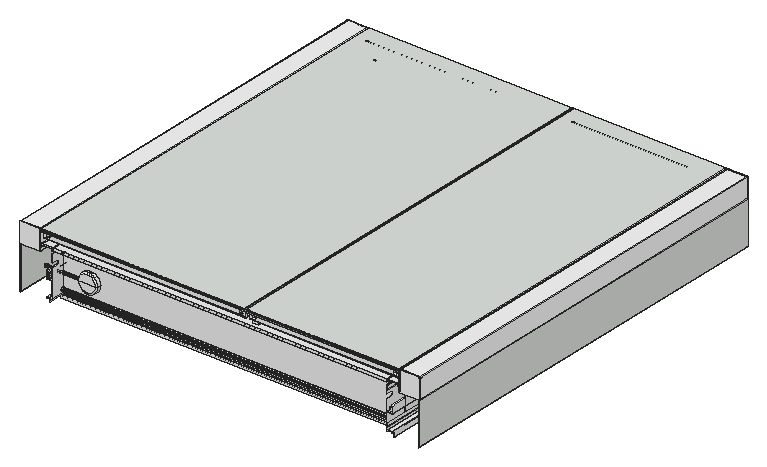
Revit family "Furniture-Lighted_Mirror_Cabinet-KOHLER-Verdera-K-26378T_1", category Lighting Fixtures, host Face, Revit 2021 (continued)
Definition of nested family "K-26378T"
  Lines and regions (in)
    Masking region 2
      outline origin (1.9685, 0, 0) x (0, 1, 0) y (0, 0, 1)
        loop
          arc (-15.71654, 4.92126) -> (-15.73881, 4.91203) -> (-15.74803, 4.88976) r 0.0315
          line (-15.74803, 4.88976) -> (-15.74803, 0.11811) -> (-15.70866, 0.07874) -> (-15.51181, 0.07874) -> (-15.51181, 0) -> (15.51181, 0) -> (15.51181, 0.07874) -> (15.70866, 0.07874) -> (15.74803, 0.11811) -> (15.74803, 0.23633)
          arc (15.74803, 0.23633) -> (15.78999, 0.2559) -> (15.80709, 0.29893) r 0.06271
          line (15.80709, 0.29893) -> (15.80709, 3.64065)
          arc (15.80709, 3.64065) -> (15.78985, 3.68279) -> (15.74803, 3.70078) r 0.06013
          line (15.74803, 3.70078) -> (15.74803, 4.88976)
    Masking region 3
      outline origin (0, 0, 0) x (1, 0, 0) y (0, 0, 1)
        loop
          line (17.28346, 0.07874) -> (17.32283, 0.11811) -> (17.32283, 3.30709) -> (17.28346, 3.34646)
          arc (17.28346, 3.34646) -> (17.31132, 3.35812) -> (17.32283, 3.38604) r 0.03958
          line (17.32283, 3.38604) -> (17.32283, 4.88161)
          arc (17.32283, 4.88161) -> (17.31122, 4.90965) -> (17.28318, 4.92126) r 0.03965
          line (17.28318, 4.92126) -> (15.78735, 4.92126)
          arc (15.78735, 4.92126) -> (15.75955, 4.90974) -> (15.74803, 4.88194) r 0.03932
          line (15.74803, 4.88194) -> (15.74803, 3.91732)
          arc (15.74803, 3.91732) -> (15.74227, 3.93124) -> (15.72835, 3.93701) r 0.01969
          line (15.72835, 3.93701) -> (14.62921, 3.93701) -> (14.60663, 3.95959) -> (14.65094, 3.95959) -> (14.65094, 4.03116) -> (14.69973, 4.05801) -> (15.4759, 4.05801) -> (15.4759, 4.14173) -> (15.66929, 4.14173) -> (15.66929, 4.7729) -> (4.05512, 4.7729) -> (4.05512, 4.14173) -> (4.15945, 4.14173) -> (4.15945, 4.10452)
          arc (4.15945, 4.10452) -> (4.16388, 4.03819) -> (4.17709, 3.97304) r 0.4988
          arc (4.17709, 3.97304) -> (4.18534, 3.96015) -> (4.19945, 3.95423) r 0.0257
          arc (4.19945, 3.95423) -> (4.21623, 3.94799) -> (4.23378, 3.94439) r 0.11637
          line (4.23378, 3.94439) -> (4.65705, 3.94439)
          arc (4.65705, 3.94439) -> (4.67182, 3.94936) -> (4.68058, 3.96225) r 0.02442
          arc (4.68058, 3.96225) -> (4.69424, 4.02822) -> (4.69882, 4.09543) r 0.49526
          line (4.69882, 4.09543) -> (4.69882, 4.14173) -> (13.88583, 4.14173) -> (13.88583, 4.0777) -> (13.7848, 4.0777) -> (13.7848, 3.95959) -> (14.05277, 3.95959) -> (14.03171, 3.93701) -> (-10.09318, 3.93701) -> (-10.11576, 3.95959) -> (-9.8478, 3.95959) -> (-9.8478, 4.0777) -> (-9.94882, 4.0777) -> (-9.94882, 4.17323) -> (3.8189, 4.17323) -> (3.8189, 4.79528) -> (3.85827, 4.83465) -> (3.85827, 4.88976) -> (3.82677, 4.92126) -> (-11.74016, 4.92126) -> (-11.77165, 4.88976) -> (-11.77165, 4.83465) -> (-11.74016, 4.80315) -> (-11.70815, 4.80315)
          arc (-11.70815, 4.80315) -> (-11.72514, 4.79689) -> (-11.73228, 4.78025) r 0.02293
          line (-11.73228, 4.78025) -> (-11.73228, 4.17323) -> (-11.53889, 4.17323) -> (-11.53889, 4.05801) -> (-10.76272, 4.05801) -> (-10.71394, 4.03116) -> (-10.71394, 3.95959) -> (-10.66962, 3.95959) -> (-10.6922, 3.93701) -> (-11.79134, 3.93701)
          arc (-11.79134, 3.93701) -> (-11.80526, 3.93124) -> (-11.81102, 3.91732) r 0.01969
          line (-11.81102, 3.91732) -> (-11.81102, 4.88194)
          arc (-11.81102, 4.88194) -> (-11.82254, 4.90974) -> (-11.85034, 4.92126) r 0.03932
          line (-11.85034, 4.92126) -> (-13.34617, 4.92126)
          arc (-13.34617, 4.92126) -> (-13.37421, 4.90965) -> (-13.38583, 4.88161) r 0.03965
          line (-13.38583, 4.88161) -> (-13.38583, 3.38604)
          arc (-13.38583, 3.38604) -> (-13.37431, 3.35812) -> (-13.34646, 3.34646) r 0.03958
          line (-13.34646, 3.34646) -> (-13.38583, 3.30709) -> (-13.38583, 0.11811) -> (-13.34646, 0.07874) -> (-13.30709, 0.07874) -> (-13.26772, 0.11811) -> (-13.26772, 3.30709) -> (-13.30709, 3.34646) -> (-12.90945, 3.34646) -> (-12.90945, 3.31347)
          arc (-12.90945, 3.31347) -> (-12.88927, 3.22449) -> (-12.80892, 3.26772) r 0.05731
          line (-12.80892, 3.26772) -> (-12.75591, 3.26772) -> (-12.75591, 3.23149)
          arc (-12.75591, 3.23149) -> (-12.74922, 3.21535) -> (-12.73308, 3.20866) r 0.02283
          line (-12.73308, 3.20866) -> (-12.46479, 3.20866)
          arc (-12.46479, 3.20866) -> (-12.44793, 3.21564) -> (-12.44094, 3.2325) r 0.02384
          line (-12.44094, 3.2325) -> (-12.44094, 3.26772) -> (-12.38775, 3.26772)
          arc (-12.38775, 3.26772) -> (-12.33034, 3.22082) -> (-12.27294, 3.26772) r 0.05858
          line (-12.27294, 3.26772) -> (-11.61417, 3.26772) -> (-11.61417, 2.04822) -> (-12.10759, 2.04822) -> (-12.10759, 1.92973) -> (-11.6144, 1.92973) -> (-11.64938, 1.91488) -> (-12.10759, 1.91488) -> (-12.10759, 1.79887) -> (-11.61417, 1.79887) -> (-11.61417, 0.23622) -> (-11.29921, 0.23622) -> (-11.29921, 0.03135)
          arc (-11.29921, 0.03135) -> (-11.26772, -0.00015) -> (-11.23622, 0.03135) r 0.0315
          line (-11.23622, 0.03135) -> (-11.23622, 0.23626) -> (15.17323, 0.23626) -> (15.17323, 0.03135)
          arc (15.17323, 0.03135) -> (15.20472, -0.00015) -> (15.23622, 0.03135) r 0.0315
          line (15.23622, 0.03135) -> (15.23622, 0.23622) -> (15.55118, 0.23622) -> (15.55118, 3.26772) -> (16.20995, 3.26772)
          arc (16.20995, 3.26772) -> (16.26735, 3.22082) -> (16.32475, 3.26772) r 0.05858
          line (16.32475, 3.26772) -> (16.37795, 3.26772) -> (16.37795, 3.2325)
          arc (16.37795, 3.2325) -> (16.38494, 3.21564) -> (16.40179, 3.20866) r 0.02384
          line (16.40179, 3.20866) -> (16.67009, 3.20866)
          arc (16.67009, 3.20866) -> (16.68623, 3.21535) -> (16.69291, 3.23149) r 0.02283
          line (16.69291, 3.23149) -> (16.69291, 3.26772) -> (16.74593, 3.26772)
          arc (16.74593, 3.26772) -> (16.82628, 3.22449) -> (16.84646, 3.31347) r 0.05731
          line (16.84646, 3.31347) -> (16.84646, 3.34646) -> (17.24409, 3.34646) -> (17.20472, 3.30709) -> (17.20472, 0.11811) -> (17.24409, 0.07874) -> (17.28346, 0.07874)
        loop
          line (15.67717, 4.92126) -> (4.04724, 4.92126) -> (4.01575, 4.88976) -> (4.01575, 4.83465) -> (4.04724, 4.80315) -> (15.67717, 4.80315) -> (15.70866, 4.83465) -> (15.70866, 4.88976) -> (15.67717, 4.92126)
        loop
          arc (15.74803, 3.75984) -> (15.74227, 3.74592) -> (15.72835, 3.74016) r 0.01969
          line (15.72835, 3.74016) -> (15.61007, 3.74016) -> (15.61007, 3.80315) -> (15.66535, 3.80315)
          arc (15.66535, 3.80315) -> (15.67927, 3.80892) -> (15.68504, 3.82283) r 0.01969
          line (15.68504, 3.82283) -> (15.68504, 3.85433)
          arc (15.68504, 3.85433) -> (15.67927, 3.86825) -> (15.66535, 3.87402) r 0.01969
          line (15.66535, 3.87402) -> (14.84735, 3.87402)
          arc (14.84735, 3.87402) -> (14.8328, 3.86799) -> (14.82677, 3.85344) r 0.02058
          line (14.82677, 3.85344) -> (14.82677, 3.70079) -> (15.55118, 3.70079) -> (15.55118, 3.34646) -> (15.7874, 3.34646)
          arc (15.7874, 3.34646) -> (15.75956, 3.35799) -> (15.74803, 3.38583) r 0.03937
          line (15.74803, 3.38583) -> (15.74803, 3.75984)
        loop
          line (-11.81102, 3.75984) -> (-11.81102, 3.38583)
          arc (-11.81102, 3.38583) -> (-11.82255, 3.35799) -> (-11.85039, 3.34646) r 0.03937
          line (-11.85039, 3.34646) -> (-11.61417, 3.34646) -> (-11.61417, 3.70079) -> (-10.88976, 3.70079) -> (-10.88976, 3.85344)
          arc (-10.88976, 3.85344) -> (-10.89579, 3.86799) -> (-10.91034, 3.87402) r 0.02058
          line (-10.91034, 3.87402) -> (-11.72835, 3.87402)
          arc (-11.72835, 3.87402) -> (-11.74227, 3.86825) -> (-11.74803, 3.85433) r 0.01969
          line (-11.74803, 3.85433) -> (-11.74803, 3.82283)
          arc (-11.74803, 3.82283) -> (-11.74227, 3.80892) -> (-11.72835, 3.80315) r 0.01969
          line (-11.72835, 3.80315) -> (-11.67306, 3.80315) -> (-11.67306, 3.74016) -> (-11.79134, 3.74016)
          arc (-11.79134, 3.74016) -> (-11.80526, 3.74592) -> (-11.81102, 3.75984) r 0.01969
    symbolic lines, detail levels medium+fine
      curve 1: line (1.9685, -15.51181, 0.07874) -> (1.9685, 15.51181, 0.07874)
      curve 2: line (1.9685, 15.74803, 0.23633) -> (1.9685, 15.74803, 3.70078)
      curve 3: line (1.9685, 15.68898, 4.92126) -> (1.9685, 15.68898, 3.34646)
      curve 4: line (1.9685, 15.74803, 3.34646) -> (1.9685, -15.74803, 3.34646)
      curve 5: line (1.9685, 15.70866, 3.30709) -> (1.9685, -15.70866, 3.30709)
      curve 6: line (1.9685, 15.70866, 0.11811) -> (1.9685, 15.70866, 3.30709)
      curve 7: line (1.9685, 15.70866, 0.11811) -> (1.9685, -15.70866, 0.11811)
      curve 8: line (1.9685, -15.70866, 3.30709) -> (1.9685, -15.70866, 0.11811)
      curve 9: line (1.9685, -15.68898, 4.92126) -> (1.9685, -15.68898, 3.34646)
      curve 10: line (1.9685, -15.72047, 3.35236) -> (1.9685, -15.68898, 3.35236)
      curve 11: line (1.9685, -15.72835, 3.32677) -> (1.9685, -15.70866, 3.30709)
      curve 12: arc (3.81539, 0, 4.21849) -> (3.75474, 0, 4.48662) -> (3.81467, 0, 4.7549) r 0.62663
      curve 13: arc (3.81539, 0, 4.21849) -> (3.81431, 0, 4.1887) -> (3.78928, 0, 4.17249) r 0.03229
      curve 14: arc (3.81467, 0, 4.7549) -> (3.81367, 0, 4.78586) -> (3.78796, 0, 4.80315) r 0.03399
      curve 15: line (-11.77165, 0, 4.88976) -> (3.85827, 0, 4.88976)
      curve 16: line (-11.77165, 0, 4.83465) -> (3.85827, 0, 4.83465)
      curve 17: line (4.01575, 0, 4.88976) -> (15.70866, 0, 4.88976)
      curve 18: line (4.01575, 0, 4.83465) -> (15.70866, 0, 4.83465)
      curve 19: line (4.04724, 15.71654, 2.25239) -> (15.67717, 15.71654, 2.25239)
      curve 20: line (15.67717, 15.71654, 2.25239) -> (15.67717, -15.71654, 2.25239)
      curve 21: line (15.67717, 15.71654, 2.25239) -> (15.70866, 15.74803, 2.25239)
      curve 22: line (15.70866, -15.74803, 2.25239) -> (15.70866, 15.74803, 2.25239)
      curve 23: line (17.32283, 15.68898, 2.25239) -> (15.74803, 15.68898, 2.25239)
      curve 24: line (4.01575, 15.74803, 2.25239) -> (4.01575, -15.74803, 2.25239)
      curve 25: line (4.01575, 15.74803, 2.25239) -> (4.04724, 15.71654, 2.25239)
      curve 26: line (3.82677, 15.71654, 2.25239) -> (3.85827, 15.74803, 2.25239)
      curve 27: line (3.82677, 15.71654, 2.25239) -> (3.82677, -15.71654, 2.25239)
      curve 28: line (3.85827, -15.74803, 2.25239) -> (3.85827, 15.74803, 2.25239)
      curve 29: line (-11.74016, 15.71654, 2.25239) -> (3.82677, 15.71654, 2.25239)
      curve 30: line (4.04724, -15.71654, 2.25239) -> (4.04724, 15.71654, 2.25239)
      curve 31: line (15.55301, 15.74803, 2.25239) -> (-11.61417, 15.74803, 2.25239)
      curve 32: line (3.85827, 14.76378, 2.25239) -> (4.01575, 14.76378, 2.25239)
      curve 33: line (4.01575, 14.48876, 2.25239) -> (3.85827, 14.48876, 2.25239)
      curve 34: line (3.85827, -14.76378, 2.25239) -> (4.01575, -14.76378, 2.25239)
      curve 35: line (3.85827, -14.48876, 2.25239) -> (4.01575, -14.48876, 2.25239)
      curve 36: line (3.82677, -15.71654, 2.25239) -> (-11.74016, -15.71654, 2.25239)
      curve 37: line (3.85827, -15.74803, 2.25239) -> (3.82677, -15.71654, 2.25239)
      curve 38: line (-11.77165, -15.74803, 2.25239) -> (-11.74016, -15.71654, 2.25239)
      curve 39: line (-11.74016, -15.71654, 2.25239) -> (-11.74016, 15.71654, 2.25239)
      curve 40: line (-11.77165, 15.74803, 2.25239) -> (-11.77165, -15.74803, 2.25239)
      curve 41: line (-13.38583, -15.68898, 2.25239) -> (-11.81728, -15.68898, 2.25239)
      curve 42: line (-13.37991, -15.71982, 2.25239) -> (-13.37991, -15.68898, 2.25239)
      curve 43: line (-11.81728, -15.72549, 2.25239) -> (-11.81693, 15.68898, 2.25239)
      curve 44: line (-11.81693, 15.68898, 2.25239) -> (-13.38583, 15.68898, 2.25239)
      curve 45: line (-11.77165, 15.74803, 2.25239) -> (-11.74016, 15.71654, 2.25239)
      curve 46: line (-11.83661, -15.71982, 2.25239) -> (-11.83661, -15.68898, 2.25239)
      curve 47: line (15.67717, -15.71654, 2.25239) -> (4.04724, -15.71654, 2.25239)
      curve 48: line (4.01575, -15.74803, 2.25239) -> (4.04724, -15.71654, 2.25239)
      curve 49: line (15.74803, -15.68898, 2.25239) -> (17.32283, -15.68898, 2.25239)
      curve 50: line (15.70866, -15.74803, 2.25239) -> (15.67717, -15.71654, 2.25239)
      curve 51: line (15.75394, -15.72047, 2.25239) -> (15.75394, -15.68898, 2.25239)
      curve 52: line (15.74803, -15.68898, 2.25239) -> (15.74803, 15.74803, 2.25239)
      curve 53: line (-13.34646, 0, 3.34646) -> (-13.30709, 0, 3.34646)
      curve 54: line (-13.34646, 0, 0.07874) -> (-13.34646, 0, 3.34646)
      curve 55: line (-13.30709, 0, 0.07874) -> (-13.30709, 0, 3.34646)
      curve 56: arc (-13.33363, 0, 3.35236) -> (-13.36635, 0, 3.36592) -> (-13.37991, 0, 3.39865) r 0.04628
      curve 57: line (-13.33363, 0, 3.35236) -> (-11.86311, 0, 3.35237)
      curve 58: line (-13.37992, 0, 4.86975) -> (-13.37991, 0, 3.39865)
      curve 59: arc (-13.37992, 0, 4.86975) -> (-13.36661, 0, 4.90188) -> (-13.33448, 0, 4.9152) r 0.04544
      curve 60: line (-11.86441, 0, 4.91536) -> (-13.33448, 0, 4.9152)
      curve 61: arc (-11.86441, 0, 4.91536) -> (-11.83084, 0, 4.90146) -> (-11.81693, 0, 4.86788) r 0.04748
      curve 62: line (-11.81692, 0, 3.39857) -> (-11.81693, 0, 4.86788)
      curve 63: arc (-11.81692, 0, 3.39857) -> (-11.83045, 0, 3.3659) -> (-11.86311, 0, 3.35237) r 0.04619
      curve 64: line (-11.73228, 0, 4.67323) -> (2.30315, 0, 4.67323)
      curve 65: line (-12.80892, 0, 3.26772) -> (-12.90945, 0, 3.26772)
      curve 66: line (-12.90945, 0, 3.31347) -> (-12.90945, 0, 3.26772)
      curve 67: line (-12.38775, 0, 3.26772) -> (-12.27294, 0, 3.26772)
      curve 68: line (-12.44094, 0, 3.26772) -> (-12.75591, 0, 3.26772)
      curve 69: line (-12.83465, 0, 3.26772) -> (-12.83465, 0, 3.34646)
      curve 70: line (-12.90945, 0, 3.34646) -> (-11.85039, 0, 3.34646)
      curve 71: line (-12.83465, 0, 3.27559) -> (-12.89764, 0, 3.27559)
      curve 72: arc (-12.89764, 0, 3.27559) -> (-12.90611, 0, 3.27917) -> (-12.90945, 0, 3.28775) r 0.01182
      curve 73: arc (-11.18178, 0, 4.43071) -> (-11.33844, 0, 4.58737) -> (-11.4951, 0, 4.43071) r 0.15666
      curve 74: arc (-11.4951, 0, 4.43071) -> (-11.33844, 0, 4.27405) -> (-11.18178, 0, 4.43071) r 0.15666
      curve 75: arc (-11.41515, 0, 4.43071) -> (-11.33844, 0, 4.50742) -> (-11.26174, 0, 4.43071) r 0.07671
      curve 76: arc (-11.26174, 0, 4.43071) -> (-11.33844, 0, 4.35401) -> (-11.41515, 0, 4.43071) r 0.07671
      curve 77: line (-10.71394, 0, 4.0777) -> (-9.94829, 0, 4.0777)
      curve 78: line (-9.94882, 0, 4.14061) -> (-11.53889, 0, 4.14049)
      curve 79: line (-10.71394, 0, 4.03116) -> (-10.71394, 0, 4.0777)
      curve 80: line (-10.76272, 0, 4.05801) -> (-10.71394, 0, 4.05801)
      curve 81: line (-10.11576, 0, 3.95959) -> (-10.66962, 0, 3.95959)
      curve 82: line (-10.6922, 0, 3.93701) -> (-10.09318, 0, 3.93701)
      curve 83: line (-10.88976, 0, 3.70079) -> (14.82677, 0, 3.70079)
      curve 84: line (-11.61417, 0, 3.26772) -> (-11.61417, 0, 3.34646)
      curve 85: line (-10.82677, 0, 3.70079) -> (-10.82677, 0, 3.91705)
      curve 86: arc (-10.82677, 0, 3.91705) -> (-10.83262, 0, 3.93116) -> (-10.84673, 0, 3.93701) r 0.01996
      curve 87: line (-10.82677, 0, 3.74016) -> (14.76378, 0, 3.74016)
      curve 88: line (-11.23622, 0, 0.23626) -> (-11.29921, 0, 0.23622)
      curve 89: line (-11.61417, 0, 0.29724) -> (15.55118, 0, 0.29724)
      curve 90: line (-11.73228, 0, 4.2212) -> (2.30315, 0, 4.2212)
      curve 91: line (2.30315, 0, 4.19361) -> (2.30315, 0, 4.77165)
      curve 92: line (2.30906, 0, 4.70399) -> (3.76747, 0, 4.70399)
      curve 93: arc (1.84577, 0, 4.42917) -> (2.00244, 0, 4.58584) -> (2.1591, 0, 4.42917) r 0.15666
      curve 94: arc (2.07914, 0, 4.42917) -> (2.00244, 0, 4.50588) -> (1.92573, 0, 4.42917) r 0.07671
      curve 95: arc (1.92573, 0, 4.42917) -> (2.00244, 0, 4.35247) -> (2.07914, 0, 4.42917) r 0.07671
      curve 96: arc (2.1591, 0, 4.42917) -> (2.00244, 0, 4.27251) -> (1.84577, 0, 4.42917) r 0.15666
      curve 97: arc (3.34232, 0, 4.42917) -> (3.41903, 0, 4.50588) -> (3.49573, 0, 4.42917) r 0.07671
      curve 98: arc (3.49573, 0, 4.42917) -> (3.41903, 0, 4.35247) -> (3.34232, 0, 4.42917) r 0.07671
      curve 99: arc (3.76747, 0, 4.70399) -> (3.78893, 0, 4.71064) -> (3.80286, 0, 4.72827) r 0.03792
      curve 100: arc (3.4635, 0, 4.46778) -> (3.36099, 0, 4.42881) -> (3.4635, 0, 4.38984) r 0.05866
      curve 101: arc (3.48495, 0, 4.46839) -> (3.47436, 0, 4.46309) -> (3.4635, 0, 4.46778) r 0.01401
      curve 102: arc (3.4635, 0, 4.38984) -> (3.47418, 0, 4.39462) -> (3.48483, 0, 4.38976) r 0.01422
      curve 103: line (-10.88976, 0, 3.74016) -> (-10.82677, 0, 3.74016)
      curve 104: line (-10.82677, 0, 3.77953) -> (-10.88976, 0, 3.77953)
      curve 105: circle (-11.16194, 0, 1.96924) r 0.0893 normal (0, -1, 0)
      curve 106: arc (-11.11257, 0, 2.00823) -> (-11.2195, 0, 1.97042) -> (-11.1152, 0, 1.92585) r 0.06087
      curve 107: arc (-11.11257, 0, 2.00823) -> (-11.09696, 0, 2.00276) -> (-11.08438, 0, 2.0135) r 0.01659
      curve 108: arc (-11.1152, 0, 1.92585) -> (-11.09956, 0, 1.93233) -> (-11.08404, 0, 1.92558) r 0.02164
      curve 109: line (-10.55646, 0, 4.0777) -> (-10.55646, 0, 3.95959)
      curve 110: line (17.28346, 0, 3.34646) -> (17.24409, 0, 3.34646)
      curve 111: line (17.28346, 0, 0.07874) -> (17.28346, 0, 3.34646)
      curve 112: line (17.24409, 0, 0.07874) -> (17.24409, 0, 3.34646)
      curve 113: arc (17.27063, 0, 3.35236) -> (17.30336, 0, 3.36592) -> (17.31692, 0, 3.39865) r 0.04628
      curve 114: line (17.27063, 0, 3.35236) -> (15.80012, 0, 3.35237)
      curve 115: line (17.31693, 0, 4.86975) -> (17.31692, 0, 3.39865)
      curve 116: arc (17.31693, 0, 4.86975) -> (17.30362, 0, 4.90188) -> (17.27149, 0, 4.9152) r 0.04544
      curve 117: line (15.80142, 0, 4.91536) -> (17.27149, 0, 4.9152)
      curve 118: arc (15.80142, 0, 4.91536) -> (15.76785, 0, 4.90146) -> (15.75394, 0, 4.86788) r 0.04748
      curve 119: line (15.75393, 0, 3.39857) -> (15.75394, 0, 4.86788)
      curve 120: arc (15.75393, 0, 3.39857) -> (15.76746, 0, 3.3659) -> (15.80012, 0, 3.35237) r 0.04619
      curve 121: line (16.32475, 0, 3.26772) -> (16.20995, 0, 3.26772)
      curve 122: line (16.37795, 0, 3.26772) -> (16.69291, 0, 3.26772)
      curve 123: line (16.77165, 0, 3.26772) -> (16.77165, 0, 3.34646)
      curve 124: line (16.84646, 0, 3.34646) -> (15.7874, 0, 3.34646)
      curve 125: arc (15.11825, 0, 4.39842) -> (15.27491, 0, 4.55508) -> (15.43157, 0, 4.39842) r 0.15666
      curve 126: arc (15.43157, 0, 4.39842) -> (15.27491, 0, 4.24175) -> (15.11825, 0, 4.39842) r 0.15666
      curve 127: arc (15.35162, 0, 4.39842) -> (15.27491, 0, 4.47512) -> (15.19821, 0, 4.39842) r 0.07671
      curve 128: arc (15.19821, 0, 4.39842) -> (15.27491, 0, 4.32171) -> (15.35162, 0, 4.39842) r 0.07671
      curve 129: line (14.65094, 0, 4.0777) -> (13.8853, 0, 4.0777)
      curve 130: line (13.88583, 0, 4.14173) -> (15.4759, 0, 4.14173)
      curve 131: line (14.65094, 0, 4.03116) -> (14.65094, 0, 4.0777)
      curve 132: line (14.69973, 0, 4.05801) -> (14.65094, 0, 4.05801)
      curve 133: line (14.05277, 0, 3.95959) -> (14.60663, 0, 3.95959)
      curve 134: line (14.62921, 0, 3.93701) -> (14.03018, 0, 3.93701)
      curve 135: line (14.76378, 0, 3.70079) -> (14.76378, 0, 3.91705)
      curve 136: arc (14.76378, 0, 3.91705) -> (14.76963, 0, 3.93116) -> (14.78374, 0, 3.93701) r 0.01996
      curve 137: line (15.17323, 0, 0.23626) -> (15.23622, 0, 0.23622)
      curve 138: line (14.82677, 0, 3.74016) -> (14.76378, 0, 3.74016)
      curve 139: line (14.76378, 0, 3.77953) -> (14.82677, 0, 3.77953)
      curve 140: circle (15.09894, 0, 1.96924) r 0.0893 normal (0, 1, 0)
      curve 141: arc (15.04958, 0, 2.00823) -> (15.15651, 0, 1.97042) -> (15.05221, 0, 1.92585) r 0.06087
      curve 142: arc (15.04958, 0, 2.00823) -> (15.03397, 0, 2.00276) -> (15.02138, 0, 2.0135) r 0.01659
      curve 143: arc (15.05221, 0, 1.92585) -> (15.03657, 0, 1.93233) -> (15.02105, 0, 1.92558) r 0.02164
      curve 144: line (14.49346, 0, 4.0777) -> (14.49346, 0, 3.95959)
      curve 145: arc (3.26106, 0, 4.42917) -> (3.41772, 0, 4.58584) -> (3.57438, 0, 4.42917) r 0.15666
      curve 146: arc (3.57438, 0, 4.42917) -> (3.41772, 0, 4.27251) -> (3.26106, 0, 4.42917) r 0.15666
      curve 147: arc (4.52481, 0, 4.39842) -> (4.44811, 0, 4.47512) -> (4.3714, 0, 4.39842) r 0.07671
      curve 148: arc (4.3714, 0, 4.39842) -> (4.44811, 0, 4.32171) -> (4.52481, 0, 4.39842) r 0.07671
      curve 149: line (4.69882, 0, 4.14173) -> (4.13976, 0, 4.14173)
      curve 150: line (4.19976, 0, 3.95423) -> (4.65717, 0, 3.95562)
      curve 151: line (4.65717, 0, 4.14173) -> (4.65717, 0, 3.95562)
      curve 152: line (4.22757, 0, 4.14173) -> (4.22757, 0, 3.94724)
      curve 153: arc (4.19791, 0, 4.14173) -> (4.20049, 0, 4.04806) -> (4.21609, 0, 3.95565) r 0.6713
      curve 154: arc (4.40638, 0, 4.43991) -> (4.50614, 0, 4.39869) -> (4.40729, 0, 4.35533) r 0.05866
      curve 155: arc (4.60608, 0, 4.39842) -> (4.44941, 0, 4.55508) -> (4.29275, 0, 4.39842) r 0.15666
      curve 156: arc (4.29275, 0, 4.39842) -> (4.44941, 0, 4.24175) -> (4.60608, 0, 4.39842) r 0.15666
      curve 157: arc (4.21609, 0, 3.95565) -> (4.22601, 0, 3.94799) -> (4.23802, 0, 3.94439) r 0.0344
      curve 158: line (4.18976, 0, 3.96549) -> (4.18976, 0, 4.14173)
      curve 159: arc (4.19976, 0, 3.95423) -> (4.19262, 0, 3.95796) -> (4.18976, 0, 3.96549) r 0.01134
      curve 160: line (4.05512, 0, 4.67323) -> (15.66929, 0, 4.67323)
      curve 161: line (4.05527, 0, 4.18719) -> (15.66929, 0, 4.18719)
      curve 162: line (15.74803, 0, 3.91732) -> (15.74803, 0, 3.76134)
      curve 163: line (16.77165, 0, 3.26772) -> (16.72333, 0, 3.26772)
      curve 164: arc (16.84646, 0, 3.31347) -> (16.81252, 0, 3.33712) -> (16.77165, 0, 3.33074) r 0.05551
      curve 165: arc (16.66329, 0, 3.26772) -> (16.6057, 0, 3.22782) -> (16.54812, 0, 3.26772) r 0.0615
      curve 166: arc (16.5202, 0, 3.26772) -> (16.46301, 0, 3.22618) -> (16.40581, 0, 3.26772) r 0.06015
      curve 167: line (16.66781, 0, 3.22047) -> (16.40251, 0, 3.22047)
      curve 168: line (16.6811, 0, 3.26772) -> (16.6811, 0, 3.23376)
      curve 169: line (16.38921, 0, 3.26772) -> (16.38921, 0, 3.23378)
      curve 170: arc (16.6811, 0, 3.23376) -> (16.67721, 0, 3.22436) -> (16.66781, 0, 3.22047) r 0.01329
      curve 171: arc (16.38921, 0, 3.23378) -> (16.3931, 0, 3.22437) -> (16.40251, 0, 3.22047) r 0.01331
      curve 172: line (-11.61417, 0, 3.6378) -> (15.55118, 0, 3.6378)
      curve 173: line (-9.96964, 0, 4.0777) -> (-9.96964, 0, 4.1406)
      curve 174: arc (2.00206, 0, 4.48856) -> (1.96163, 0, 4.39095) -> (2.05924, 0, 4.43138) r 0.05718
      curve 175: arc (2.01621, 0, 4.50463) -> (2.01277, 0, 4.4934) -> (2.00206, 0, 4.48856) r 0.01426
      curve 176: arc (2.05924, 0, 4.43138) -> (2.06446, 0, 4.44344) -> (2.07682, 0, 4.44789) r 0.01654
      curve 177: arc (15.31612, 0, 4.44318) -> (15.27586, 0, 4.3394) -> (15.23561, 0, 4.44318) r 0.0597
      curve 178: arc (15.31327, 0, 4.46484) -> (15.31074, 0, 4.45349) -> (15.31612, 0, 4.44318) r 0.01695
      curve 179: arc (15.23561, 0, 4.44318) -> (15.24087, 0, 4.4539) -> (15.23742, 0, 4.46533) r 0.01631
      curve 180: arc (-11.29723, 0, 4.47198) -> (-11.3333, 0, 4.36975) -> (-11.38481, 0, 4.46514) r 0.05929
      curve 181: arc (-11.29998, 0, 4.49708) -> (-11.30322, 0, 4.48402) -> (-11.29723, 0, 4.47198) r 0.01947
      curve 182: arc (-11.38481, 0, 4.46514) -> (-11.37669, 0, 4.48082) -> (-11.37463, 0, 4.49834) r 0.04917
      curve 183: line (-12.45276, 0, 3.26772) -> (-12.45276, 0, 3.23268)
      curve 184: line (-12.46496, 0, 3.22047) -> (-12.73157, 0, 3.22047)
      curve 185: line (-12.74409, 0, 3.233) -> (-12.74409, 0, 3.26772)
      curve 186: arc (-12.52861, 0, 3.26772) -> (-12.55653, 0, 3.24594) -> (-12.58445, 0, 3.26772) r 0.02878
      curve 187: arc (-12.61004, 0, 3.26772) -> (-12.63893, 0, 3.24851) -> (-12.66782, 0, 3.26772) r 0.03133
      curve 188: arc (-12.45276, 0, 3.23268) -> (-12.45633, 0, 3.22405) -> (-12.46496, 0, 3.22047) r 0.01221
      curve 189: arc (-12.73157, 0, 3.22047) -> (-12.74043, 0, 3.22414) -> (-12.74409, 0, 3.233) r 0.01252
      curve 190: line (15.55118, 0, 3.34646) -> (15.55118, 0, 3.26772)
      curve 191: line (-11.81102, 0, 3.91732) -> (-11.81102, 0, 3.75984)
      curve 192: line (1.9685, -15.68898, 4.91535) -> (1.9685, -15.72047, 4.91535)
      curve 193: line (1.9685, -15.72047, 4.91535) -> (1.9685, -15.72047, 3.35236)
      curve 194: line (1.9685, -15.68898, 4.88189) -> (1.9685, 15.68898, 4.88189)
      curve 195: arc (1.9685, -15.74803, 3.38064) -> (1.9685, -15.74021, 3.36069) -> (1.9685, -15.72047, 3.35236) r 0.02757
      curve 196: line (1.9685, -15.70866, 3.34646) -> (1.9685, -15.74803, 3.30709)
      curve 197: line (1.9685, 15.51181, 0.01969) -> (1.9685, -15.51181, 0.01969)
      curve 198: line (1.9685, 15.72047, 3.35236) -> (1.9685, 15.68898, 3.35236)
      curve 199: arc (1.9685, 15.74803, 3.38169) -> (1.9685, 15.74059, 3.36107) -> (1.9685, 15.72047, 3.35236) r 0.02761
      curve 200: line (1.9685, -15.70866, 0.11811) -> (1.9685, -15.71832, 0.0884)
      curve 201: line (1.9685, 15.70866, 0.11811) -> (1.9685, 15.71698, 0.08706)
      curve 202: line (1.9685, 15.70866, 3.30709) -> (1.9685, 15.73971, 3.31541)
      curve 203: line (1.9685, 15.70866, 3.34646) -> (1.9685, 15.74803, 3.30709)
      curve 204: line (1.9685, -15.68898, 3.38583) -> (1.9685, 15.68898, 3.38583)
      curve 205: arc (1.9685, -15.72047, 4.91535) -> (1.9685, -15.73928, 4.90797) -> (1.9685, -15.74803, 4.88976) r 0.02763
      curve 206: line (1.9685, 15.72047, 4.91535) -> (1.9685, 15.72047, 3.35236)
      curve 207: line (1.9685, 15.68898, 4.91535) -> (1.9685, 15.72047, 4.91535)
      curve 208: arc (1.9685, 15.72047, 4.91535) -> (1.9685, 15.73928, 4.90797) -> (1.9685, 15.74803, 4.88976) r 0.02763
      curve 209: line (17.31692, 15.71798, 2.25239) -> (17.31692, 15.68898, 2.25239)
      curve 210: line (-13.33739, 15.68898, 2.25239) -> (-13.33739, 15.74803, 2.25239)
      curve 211: line (-13.37991, 15.72047, 2.25239) -> (-11.81693, 15.72047, 2.25239)
      curve 212: line (-13.37991, 15.68898, 2.25239) -> (-13.37991, 15.72047, 2.25239)
      curve 213: arc (-13.37991, 15.72047, 2.25239) -> (-13.37847, 15.72896, 2.25239) -> (-13.3743, 15.7365, 2.25239) r 0.02569
      curve 214: line (-11.86889, 15.74803, 2.25239) -> (-11.86889, 15.68898, 2.25239)
      curve 215: line (-11.81102, -15.68898, 2.25239) -> (-11.81102, 15.74803, 2.25239)
      curve 216: line (15.80136, 15.74803, 2.25239) -> (15.80136, 15.68898, 2.25239)
      curve 217: line (15.75394, 15.72098, 2.25239) -> (17.31677, 15.72098, 2.25239)
      curve 218: line (17.26975, 15.74803, 2.25239) -> (17.26975, 15.68898, 2.25239)
      curve 219: line (15.7874, 15.68898, 2.25239) -> (15.7874, -15.68898, 2.25239)
      curve 220: line (15.72835, 15.74803, 2.25239) -> (15.72835, -15.74803, 2.25239)
      curve 221: line (3.85827, 15.72835, 2.25239) -> (4.01575, 15.72835, 2.25239)
      curve 222: line (3.85827, 14.78346, 2.25239) -> (4.01575, 14.78346, 2.25239)
      curve 223: line (3.85827, 14.74409, 2.25239) -> (4.01575, 14.74409, 2.25239)
      curve 224: line (3.85827, 14.50787, 2.25239) -> (4.01575, 14.50787, 2.25239)
      curve 225: line (3.85827, 7.6378, 2.25239) -> (4.01575, 7.6378, 2.25239)
      curve 226: line (3.85827, 7.67634, 2.25239) -> (4.01575, 7.67634, 2.25239)
      curve 227: line (3.85827, 7.48166, 2.25239) -> (4.01575, 7.48166, 2.25239)
      curve 228: line (3.85827, 7.44094, 2.25239) -> (4.01575, 7.44094, 2.25239)
      curve 229: line (3.85827, 0.07863, 2.25239) -> (4.01575, 0.07863, 2.25239)
      curve 230: line (3.85827, 0.118, 2.25239) -> (4.01575, 0.118, 2.25239)
      curve 231: line (3.85827, -0.07885, 2.25239) -> (4.01575, -0.07885, 2.25239)
      curve 232: line (3.85827, -0.11822, 2.25239) -> (4.01575, -0.11822, 2.25239)
      curve 233: line (3.85827, -7.43981, 2.25239) -> (4.01575, -7.43981, 2.25239)
      curve 234: line (3.85827, -7.48043, 2.25239) -> (4.01575, -7.48043, 2.25239)
      curve 235: line (3.85827, -7.63791, 2.25239) -> (4.01575, -7.63791, 2.25239)
      curve 236: line (3.85827, -7.67728, 2.25239) -> (4.01575, -7.67728, 2.25239)
      curve 237: line (3.85827, -14.74409, 2.25239) -> (4.01575, -14.74409, 2.25239)
      curve 238: line (3.85827, -14.78346, 2.25239) -> (4.01575, -14.78346, 2.25239)
      curve 239: line (3.85827, -14.50787, 2.25239) -> (4.01575, -14.50787, 2.25239)
      curve 240: line (3.85827, -15.72835, 2.25239) -> (4.01575, -15.72835, 2.25239)
      curve 241: arc (-11.86172, -15.74803, 2.25239) -> (-11.8438, -15.7387, 2.25239) -> (-11.83661, -15.71982, 2.25239) r 0.02841
      curve 242: line (-11.88386, -15.68898, 2.25239) -> (-11.88386, -15.74803, 2.25239)
      curve 243: line (-11.83661, -15.71982, 2.25239) -> (-13.37991, -15.71982, 2.25239)
      curve 244: arc (-13.35137, -15.74803, 2.25239) -> (-13.37153, -15.73988, 2.25239) -> (-13.37991, -15.71982, 2.25239) r 0.02822
      curve 245: line (-13.33274, -15.74803, 2.25239) -> (-13.33274, -15.68898, 2.25239)
      curve 246: line (-13.35117, -15.68898, 2.25239) -> (-13.35117, 15.68898, 2.25239)
      curve 247: line (-11.85511, -15.68898, 2.25239) -> (-11.85511, 15.68898, 2.25239)
      curve 248: line (17.28346, 15.68898, 2.25239) -> (17.28346, -15.68898, 2.25239)
      curve 249: line (17.31693, -15.72047, 2.25239) -> (15.75394, -15.72047, 2.25239)
      curve 250: line (15.80118, -15.74803, 2.25239) -> (15.80118, -15.68898, 2.25239)
      curve 251: line (17.31693, -15.68898, 2.25239) -> (17.31693, -15.72047, 2.25239)
      curve 252: arc (17.31693, -15.72047, 2.25239) -> (17.30619, -15.7397, 2.25239) -> (17.2858, -15.74803, 2.25239) r 0.03331
      curve 253: line (17.26969, -15.68898, 2.25239) -> (17.26969, -15.74803, 2.25239)
      curve 254: arc (17.31692, 15.71798, 2.25239) -> (17.30776, 15.73959, 2.25239) -> (17.28586, 15.74803, 2.25239) r 0.03007
      curve 255: line (-11.61417, 0, 2.04822) -> (-11.61417, 0, 1.79887)
      curve 256: arc (4.40638, 0, 4.43991) -> (4.39463, 0, 4.43434) -> (4.38196, 0, 4.43724) r 0.01985
      curve 257: arc (4.40729, 0, 4.35533) -> (4.39548, 0, 4.36089) -> (4.38266, 0, 4.35842) r 0.02108
      curve 258: line (3.82677, 0, 4.80315) -> (-11.70815, 0, 4.80315)
      curve 259: line (3.8189, 0, 4.759) -> (3.8189, 0, 4.80315)
      curve 260: line (2.30315, 0, 4.74928) -> (-11.73228, 0, 4.74928)
      curve 261: line (2.30315, 0, 4.76378) -> (-11.73228, 0, 4.76378)
      curve 262: line (-11.73228, 0, 4.70472) -> (2.30315, 0, 4.70472)
      curve 263: arc (2.32353, 0, 4.17323) -> (2.30912, 0, 4.1792) -> (2.30315, 0, 4.19361) r 0.02038
      curve 264: arc (2.30315, 0, 4.77165) -> (2.31251, 0, 4.79406) -> (2.33503, 0, 4.80315) r 0.0315
      curve 265: line (2.34252, 0, 4.2126) -> (2.34252, 0, 4.80315)
      curve 266: line (2.34252, 0, 4.66535) -> (3.73298, 0, 4.66535)
      curve 267: line (3.77104, 0, 4.2126) -> (2.34252, 0, 4.2126)
      curve 268: arc (3.74634, 0, 4.70399) -> (3.7083, 0, 4.43314) -> (3.79286, 0, 4.17303) r 0.60781
      curve 269: line (15.66929, 0, 4.73228) -> (4.05512, 0, 4.73228)
      curve 270: line (15.66929, 0, 4.63386) -> (4.05512, 0, 4.63386)
      curve 271: line (15.66929, 0, 4.1811) -> (4.05512, 0, 4.1811)
      curve 272: line (-9.94882, 0, 4.17323) -> (-11.53889, 0, 4.17323)
      curve 273: line (-11.64938, 0, 1.91488) -> (-11.61417, 0, 1.91488)
  Dimensions and locks (in)
    plane 5 to plane 4 = 30.70866"
    plane 9 to level = 4.92126"
    plane 6 to plane 7 = 31.55512"
    plane 10 to plane 7 = 31.49606"
    plane 17 to plane 19 = 11.69291"
    plane 20 to plane 18 = 15.62992"
    aligned and locked: plane 2 to level
